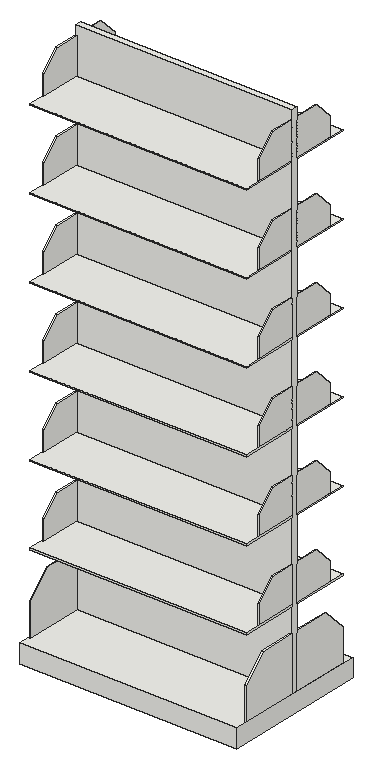
Revit family "M_Estante", category Equipamento especial, Revit 2019
Family settings
  Cota do conector redondo = Utilizar diâmetro
  Tipo de parte = Normal
  Número OmniClass = 23.40.50.27.11
  Título OmniClass = Library Stack Systems
  ID de item do Seek = Stack Shelving-0000-CAN-ENU
  Com base no plano de trabalho = Não
  Sempre na vertical = Sim
  Corte com vazios quando carregada = Não
  Compartilhado = Não
  Ponto de cálculo do ambiente = Não
Parameters (values of type "915 x 2286mm")
  Altura = 2286.00 mm
  Material de prateleira = Aço, acabamento de pintura, marfim, com brilho
  Largura = 915.00 mm
Reference planes
  plane 1 "Centro (Frente/Trás)": y = 0
  plane 2: z = 0
  plane 3 "Centro (Esquerda/Direita)": x = 0
  plane 4: y = 304.8
  plane 5: y = -304.8
  plane 6: x = -457.5
  plane 7: x = 457.5
  plane 8: y = 12.7
  plane 9: y = -12.7
  plane 10: z = 412.75
  plane 11: z = 749.3
  plane 12: z = 1085.85
  plane 13: z = 1422.4
  plane 14: z = 1758.95
  plane 15 "Prateleira superior": z = 2095.5
  plane 16: z = 2286
  plane 17 "Base": z = 76.2
Forms (mm)
  Extrusion 1, solid, material "Aço, acabamento de pintura, marfim, com brilho" <- "Material de prateleira"
    sketch origin (0, 0, 0) x (1, 0, 0) y (0, 1, 0)
      loop
        line (-457.5, 304.8) -> (-457.5, -304.8) -> (457.5, -304.8) -> (457.5, 304.8) -> (-457.5, 304.8)
    from 0 to 76.2
  Extrusion 2, solid, material "Aço, acabamento de pintura, marfim, com brilho" <- "Material de prateleira"
    sketch origin (0, 0, 76.2) x (1, 0, 0) y (0, 1, 0)
      loop
        line (-457.5, 12.7) -> (-457.5, -12.7) -> (457.5, -12.7) -> (457.5, 12.7) -> (-457.5, 12.7)
    from 0 to 2209.8
  Extrusion 3, solid, material "Aço, acabamento de pintura, marfim, com brilho" <- "Material de prateleira"
    sketch origin (-457.5, -12.7, 2286) x (0, 0, -1) y (1, 0, 0)
      loop
        line (1873.25, 0) -> (1879.6, 0) -> (1879.6, 915) -> (1873.25, 915) -> (1873.25, 0)
      loop
        line (1536.7, 0) -> (1543.05, 0) -> (1543.05, 915) -> (1536.7, 915) -> (1536.7, 0)
      loop
        line (1200.15, 0) -> (1206.5, 0) -> (1206.5, 915) -> (1200.15, 915) -> (1200.15, 0)
      loop
        line (863.6, 0) -> (869.95, 0) -> (869.95, 915) -> (863.6, 915) -> (863.6, 0)
      loop
        line (527.05, 0) -> (533.4, 0) -> (533.4, 915) -> (527.05, 915) -> (527.05, 0)
      loop
        line (190.5, 0) -> (196.85, 0) -> (196.85, 915) -> (190.5, 915) -> (190.5, 0)
    from 0 to 241.3
  Extrusion 4, solid, material "Aço, acabamento de pintura, marfim, com brilho" <- "Material de prateleira"
    sketch origin (457.5, 12.7, 2286) x (0, 0, -1) y (-1, 0, 0)
      loop
        line (1873.25, 0) -> (1879.6, 0) -> (1879.6, 915) -> (1873.25, 915) -> (1873.25, 0)
      loop
        line (1536.7, 0) -> (1543.05, 0) -> (1543.05, 915) -> (1536.7, 915) -> (1536.7, 0)
      loop
        line (1200.15, 0) -> (1206.5, 0) -> (1206.5, 915) -> (1200.15, 915) -> (1200.15, 0)
      loop
        line (863.6, 0) -> (869.95, 0) -> (869.95, 915) -> (863.6, 915) -> (863.6, 0)
      loop
        line (527.05, 0) -> (533.4, 0) -> (533.4, 915) -> (527.05, 915) -> (527.05, 0)
      loop
        line (190.5, 0) -> (196.85, 0) -> (196.85, 915) -> (190.5, 915) -> (190.5, 0)
    from 0 to 241.3
  Extrusion 5, solid, material "Aço, acabamento de pintura, marfim, com brilho" <- "Material de prateleira"
    sketch origin (457.5, -304.8, 76.2) x (0, 0, -1) y (0, 1, 0)
      loop
        line (0, 292.1) -> (-228.6, 292.1) -> (-228.6, 139.7) -> (-138.797, 49.897) -> (0, 49.897) -> (0, 292.1)
      loop
        line (0, 317.5) -> (0, 559.703) -> (-138.797, 559.703) -> (-228.6, 469.9) -> (-228.6, 317.5) -> (0, 317.5)
      loop
        line (-336.55, 292.1) -> (-488.95, 292.1) -> (-488.95, 190.5) -> (-417.108, 118.658) -> (-336.55, 118.658) -> (-336.55, 292.1)
      loop
        line (-673.1, 292.1) -> (-825.5, 292.1) -> (-825.5, 190.5) -> (-753.658, 118.658) -> (-673.1, 118.658) -> (-673.1, 292.1)
      loop
        line (-1009.65, 292.1) -> (-1162.05, 292.1) -> (-1162.05, 190.5) -> (-1090.208, 118.658) -> (-1009.65, 118.658) -> (-1009.65, 292.1)
      loop
        line (-1346.2, 292.1) -> (-1498.6, 292.1) -> (-1498.6, 190.5) -> (-1426.758, 118.658) -> (-1346.2, 118.658) -> (-1346.2, 292.1)
      loop
        line (-1682.75, 292.1) -> (-1835.15, 292.1) -> (-1835.15, 190.5) -> (-1763.308, 118.658) -> (-1682.75, 118.658) -> (-1682.75, 292.1)
      loop
        line (-2019.3, 292.1) -> (-2171.7, 292.1) -> (-2171.7, 190.5) -> (-2099.858, 118.658) -> (-2019.3, 118.658) -> (-2019.3, 292.1)
      loop
        line (-336.55, 317.5) -> (-336.55, 490.942) -> (-417.108, 490.942) -> (-488.95, 419.1) -> (-488.95, 317.5) -> (-336.55, 317.5)
      loop
        line (-673.1, 317.5) -> (-673.1, 490.942) -> (-753.658, 490.942) -> (-825.5, 419.1) -> (-825.5, 317.5) -> (-673.1, 317.5)
      loop
        line (-1009.65, 317.5) -> (-1009.65, 490.942) -> (-1090.208, 490.942) -> (-1162.05, 419.1) -> (-1162.05, 317.5) -> (-1009.65, 317.5)
      loop
        line (-1346.2, 317.5) -> (-1346.2, 490.942) -> (-1426.758, 490.942) -> (-1498.6, 419.1) -> (-1498.6, 317.5) -> (-1346.2, 317.5)
      loop
        line (-1682.75, 317.5) -> (-1682.75, 490.942) -> (-1763.308, 490.942) -> (-1835.15, 419.1) -> (-1835.15, 317.5) -> (-1682.75, 317.5)
      loop
        line (-2019.3, 317.5) -> (-2019.3, 490.942) -> (-2099.858, 490.942) -> (-2171.7, 419.1) -> (-2171.7, 317.5) -> (-2019.3, 317.5)
    from 0 to -6.35
  Extrusion 6, solid, material "Aço, acabamento de pintura, marfim, com brilho" <- "Material de prateleira"
    sketch origin (-457.5, 12.7, 2286) x (0, 0, -1) y (0, -1, 0)
      loop
        line (190.5, 0) -> (38.1, 0) -> (38.1, -101.6) -> (109.942, -173.442) -> (190.5, -173.442) -> (190.5, 0)
      loop
        line (1981.2, 0) -> (1981.2, -152.4) -> (2071.003, -242.203) -> (2209.8, -242.203) -> (2209.8, 0) -> (1981.2, 0)
      loop
        line (527.05, 0) -> (374.65, 0) -> (374.65, -101.6) -> (446.492, -173.442) -> (527.05, -173.442) -> (527.05, 0)
      loop
        line (863.6, -0.189) -> (711.2, -0.189) -> (711.2, -101.789) -> (783.042, -173.631) -> (863.6, -173.631) -> (863.6, -0.189)
      loop
        line (1200.15, -0.189) -> (1047.75, -0.189) -> (1047.75, -101.789) -> (1119.592, -173.631) -> (1200.15, -173.631) -> (1200.15, -0.189)
      loop
        line (1536.7, 0) -> (1384.3, 0) -> (1384.3, -101.6) -> (1456.142, -173.442) -> (1536.7, -173.442) -> (1536.7, 0)
      loop
        line (1873.25, 0) -> (1720.85, 0) -> (1720.85, -101.6) -> (1792.692, -173.442) -> (1873.25, -173.442) -> (1873.25, 0)
      loop
        line (190.5, 25.4) -> (190.5, 198.842) -> (109.942, 198.842) -> (38.1, 127) -> (38.1, 25.4) -> (190.5, 25.4)
      loop
        line (1981.2, 25.4) -> (2209.8, 25.4) -> (2209.8, 267.603) -> (2071.003, 267.603) -> (1981.2, 177.8) -> (1981.2, 25.4)
      loop
        line (527.05, 25.4) -> (527.05, 198.842) -> (446.492, 198.842) -> (374.65, 127) -> (374.65, 25.4) -> (527.05, 25.4)
      loop
        line (863.6, 25.589) -> (863.6, 199.031) -> (783.042, 199.031) -> (711.2, 127.189) -> (711.2, 25.589) -> (863.6, 25.589)
      loop
        line (1200.15, 25.589) -> (1200.15, 199.031) -> (1119.592, 199.031) -> (1047.75, 127.189) -> (1047.75, 25.589) -> (1200.15, 25.589)
      loop
        line (1536.7, 25.4) -> (1536.7, 198.842) -> (1456.142, 198.842) -> (1384.3, 127) -> (1384.3, 25.4) -> (1536.7, 25.4)
      loop
        line (1873.25, 25.4) -> (1873.25, 198.842) -> (1792.692, 198.842) -> (1720.85, 127) -> (1720.85, 25.4) -> (1873.25, 25.4)
    from 0 to -6.35
Lines and regions (mm)
  Masking region 1
    outline origin (0, 0, 76.2) x (1, 0, 0) y (0, 1, 0)
      loop
        line (-457.5, 304.8) -> (-457.5, -304.8) -> (457.5, -304.8) -> (457.5, 304.8) -> (-457.5, 304.8)
  Masking region 2
    outline origin (0, 0, 0) x (1, 0, 0) y (0, 1, 0)
      loop
        line (-457.5, 12.7) -> (-457.5, -12.7) -> (457.5, -12.7) -> (457.5, 12.7) -> (-457.5, 12.7)
  Masking region 3
    outline origin (0, 0, 2095.5) x (0, -1, 0) y (1, 0, 0)
      loop
        line (-254, -451.15) -> (-12.7, -451.15) -> (-12.7, 451.15) -> (-254, 451.15) -> (-254, -451.15)
      loop
        line (12.7, -451.15) -> (254, -451.15) -> (254, 451.15) -> (12.7, 451.15) -> (12.7, -451.15)
Dimensions and locks
  equal spacing: plane 15 "Prateleira superior", plane 14, plane 13, plane 12, plane 11, plane 10, Extrusion 1
  locked: Extrusion 1 to plane 2 at 76.2
  "Largura": plane 6 to plane 7
  "Altura": plane 16 to plane 2
  equal spacing: plane 6, plane 3 "Centro (Esquerda/Direita)", plane 7
  aligned and locked: plane 6 to Extrusion 1 sketch curve
  aligned and locked: plane 4 to Extrusion 1 sketch curve
  aligned and locked: plane 5 to Extrusion 1 sketch curve
  aligned and locked: plane 7 to Extrusion 1 sketch curve
  aligned and locked: Extrusion 1 to Extrusion 2 sketch curve
  aligned and locked: plane 8 to Extrusion 2 sketch curve
  aligned and locked: plane 9 to Extrusion 2 sketch curve
  aligned and locked: Extrusion 2 sketch curve to Extrusion 1
  aligned and locked: Extrusion 2 to Extrusion 3 sketch curve  (x5)
  aligned and locked: Extrusion 3 sketch curve to Extrusion 2  (x3)
  aligned and locked: plane 14 to Extrusion 3 sketch curve
  aligned and locked: plane 15 "Prateleira superior" to Extrusion 3 sketch curve
  aligned and locked: Extrusion 2 to Extrusion 4 sketch curve  (x4)
  aligned and locked: plane 10 to Extrusion 4 sketch curve
  aligned and locked: Extrusion 4 sketch curve to Extrusion 2  (x6)
  aligned and locked: plane 11 to Extrusion 4 sketch curve
  aligned and locked: plane 12 to Extrusion 4 sketch curve
  aligned and locked: plane 13 to Extrusion 4 sketch curve
  aligned and locked: Extrusion 4 sketch curve to Extrusion 3  (x4)
  aligned and locked: Extrusion 5 sketch curve to Extrusion 3
  aligned and locked: Extrusion 6 sketch curve to Extrusion 4  (x3)
  aligned and locked: Extrusion 6 sketch curve to Extrusion 2
  aligned and locked: Extrusion 2 to plane 16
  aligned and locked: Masking region 1 sketch curve to plane 6
  aligned and locked: Masking region 1 sketch curve to plane 5
  aligned and locked: plane 7 to Masking region 1 sketch curve
  aligned and locked: plane 4 to Masking region 1 sketch curve
  aligned and locked: plane 8 to Masking region 2 sketch curve
  aligned and locked: Masking region 2 sketch curve to plane 9
  aligned and locked: Masking region 2 sketch curve to plane 6
  aligned and locked: plane 7 to Masking region 2 sketch curve
  aligned and locked: Masking region 3 sketch curve to Extrusion 4
  aligned and locked: Masking region 3 sketch curve to Extrusion 3
  aligned and locked: Extrusion 6 to Masking region 3 sketch curve  (x2)
  aligned and locked: Masking region 3 sketch curve to plane 8
  aligned and locked: Extrusion 5 to Masking region 3 sketch curve  (x2)
  aligned and locked: plane 9 to Masking region 3 sketch curve
Automatic sketch dimensions
  Extrusion 3 sketch curve to plane 13 = 0.00 mm
  Extrusion 3 sketch curve to plane 6 = 0.00 mm
  Extrusion 3 sketch curve to plane 12 = 0.00 mm
  Extrusion 3 sketch curve to plane 7 = 0.00 mm  (x3)
  Extrusion 3 sketch curve to plane 11 = 0.00 mm
  Extrusion 3 sketch curve to plane 10 = 0.00 mm
  Extrusion 3 sketch curve to Extrusion 3 sketch curve = 6.35 mm  (x3)
  plane 14 to Extrusion 3 sketch curve = 6.35 mm
  plane 13 to Extrusion 3 sketch curve = 6.35 mm
  plane 12 to Extrusion 3 sketch curve = 6.35 mm
  plane 15 "Prateleira superior" to Extrusion 4 sketch curve = 6.35 mm
  plane 14 to Extrusion 4 sketch curve = 6.35 mm
  Extrusion 4 sketch curve to Extrusion 4 sketch curve = 6.35 mm  (x3)
  plane 11 to Extrusion 4 sketch curve = 6.35 mm
  Extrusion 5 sketch curve to plane 9 = 0.00 mm  (x7)
  Extrusion 5 sketch curve to plane 15 "Prateleira superior" = 0.00 mm  (x4)
  Extrusion 5 sketch curve to plane 14 = 0.00 mm  (x4)
  Extrusion 5 sketch curve to plane 12 = 0.00 mm  (x4)
  Extrusion 5 sketch curve to plane 11 = 0.00 mm  (x4)
  Extrusion 5 sketch curve to plane 10 = 0.00 mm  (x4)
  Extrusion 5 sketch curve to plane 8 = 0.00 mm
  Extrusion 5 sketch curve to Extrusion 5 sketch curve = 80.558 mm  (x5)
  plane 9 to Extrusion 5 sketch curve = 101.60 mm  (x2)
  Extrusion 5 sketch curve to Extrusion 5 sketch curve = 71.842 mm  (x4)
  Extrusion 5 sketch curve to Extrusion 5 sketch curve = 152.40 mm  (x5)
  Extrusion 5 sketch curve to plane 11 = 152.40 mm
  Extrusion 5 sketch curve to plane 11 = 80.558 mm
  Extrusion 5 sketch curve to Extrusion 5 sketch curve = 107.95 mm
  Extrusion 5 sketch curve to Extrusion 5 sketch curve = 0.00 mm  (x32)
  Extrusion 5 sketch curve to Extrusion 5 sketch curve = 89.803 mm  (x2)
  Extrusion 5 sketch curve to plane 5 = 49.897 mm
  level to Extrusion 5 sketch curve = 76.20 mm
  Extrusion 5 sketch curve to Extrusion 5 sketch curve = 173.442 mm  (x2)
  plane 1 "Centro (Frente/Trás)" to Extrusion 5 sketch curve = 186.142 mm  (x2)
  Extrusion 5 sketch curve to Extrusion 5 sketch curve = 21.042 mm
  Extrusion 5 sketch curve to Extrusion 5 sketch curve = 101.60 mm  (x3)
  plane 4 to Extrusion 5 sketch curve = 49.897 mm
  Extrusion 5 sketch curve to plane 9 = 25.40 mm  (x18)
  Extrusion 5 sketch curve to plane 13 = 0.00 mm  (x3)
  Extrusion 5 sketch curve to Extrusion 5 sketch curve = 372.284 mm  (x18)
  Extrusion 5 sketch curve to Extrusion 5 sketch curve = 228.60 mm  (x12)
  Extrusion 6 sketch curve to plane 8 = 0.00 mm  (x4)
  Extrusion 6 sketch curve to plane 15 "Prateleira superior" = 0.00 mm  (x4)
  Extrusion 6 sketch curve to plane 12 = 0.00 mm  (x4)
  Extrusion 6 sketch curve to plane 10 = 0.00 mm  (x4)
  Extrusion 6 sketch curve to Extrusion 6 sketch curve = 80.558 mm  (x2)
  Extrusion 6 sketch curve to plane 8 = 101.60 mm  (x3)
  Extrusion 6 sketch curve to Extrusion 6 sketch curve = 71.842 mm  (x5)
  Extrusion 6 sketch curve to plane 14 = 152.40 mm
  Extrusion 6 sketch curve to plane 8 = 0.189 mm  (x2)
  Extrusion 6 sketch curve to plane 13 = 152.40 mm
  Extrusion 6 sketch curve to plane 13 = 80.558 mm
  Extrusion 6 sketch curve to plane 8 = 101.789 mm
  Extrusion 6 sketch curve to plane 12 = 152.40 mm
  Extrusion 6 sketch curve to plane 12 = 80.558 mm
  Extrusion 6 sketch curve to plane 11 = 152.40 mm
  Extrusion 6 sketch curve to plane 11 = 80.558 mm
  Extrusion 6 sketch curve to Extrusion 6 sketch curve = 152.40 mm
  Extrusion 6 sketch curve to plane 10 = 80.558 mm
  plane 10 to Extrusion 6 sketch curve = 107.95 mm
  plane 4 to Extrusion 6 sketch curve = 49.897 mm
  Extrusion 6 sketch curve to Extrusion 6 sketch curve = 89.803 mm
  level to Extrusion 6 sketch curve = 76.20 mm
  Extrusion 6 sketch curve to plane 1 "Centro (Frente/Trás)" = 186.331 mm
  Extrusion 6 sketch curve to Extrusion 6 sketch curve = 173.442 mm
  Extrusion 6 sketch curve to Extrusion 6 sketch curve = 21.042 mm
  Extrusion 6 sketch curve to Extrusion 6 sketch curve = 101.60 mm  (x2)
  plane 8 to Extrusion 6 sketch curve = 25.40 mm  (x15)
  Extrusion 6 sketch curve to plane 14 = 0.00 mm  (x3)
  Extrusion 6 sketch curve to plane 13 = 0.00 mm  (x3)
  Extrusion 6 sketch curve to plane 11 = 0.00 mm  (x3)
  Extrusion 6 sketch curve to Extrusion 6 sketch curve = 0.00 mm  (x38)
  plane 4 to Extrusion 6 sketch curve = 559.703 mm
  Extrusion 6 sketch curve to Extrusion 6 sketch curve = 509.805 mm  (x2)
  Extrusion 6 sketch curve to Extrusion 6 sketch curve = 372.661 mm  (x6)
  Extrusion 6 sketch curve to Extrusion 6 sketch curve = 372.284 mm  (x12)
  Extrusion 6 sketch curve to Extrusion 6 sketch curve = 330.20 mm  (x2)
  Extrusion 6 sketch curve to Extrusion 6 sketch curve = 228.977 mm  (x4)
  Extrusion 6 sketch curve to Extrusion 6 sketch curve = 228.60 mm  (x8)
  Extrusion 6 sketch curve to Extrusion 6 sketch curve = 25.777 mm  (x6)
